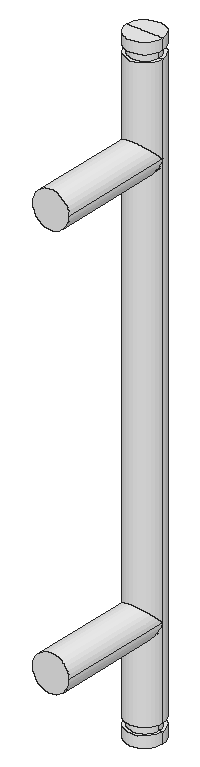
Revit family
Parameters
  Material Ironmongery = Metal - Stainless Steel
  Handle/Panel Offset = 65 mm
  Handle Z Distance = 0 mm
  Handle X Distance = 75 mm
  Handle Radius = 10 mm
  Handle Length = 350 mm
  Handle Spindle Offset = 60 mm
Reference planes
  plane 1 "Center (Front/Back)": y = 0
  plane 2: z = 0
  plane 3 "C/L Handel": x = 0
  plane 4: z = 0
  plane 5: z = 175
  plane 6: z = -175
  plane 7: z = 115
  plane 8: z = -115
  plane 9 "Center (Left/Right)": x = -75
  plane 10: y = 65
Forms (mm)
  Extrusion 1, solid, material "Metal - Stainless Steel" <- "Material Ironmongery"
    sketch origin (0, 0, 0) x (1, 0, 0) y (0, 0, 1)
      loop
        circle (0, 115) r 10
      loop
        circle (0, -115) r 10
    from 0 to -65
  Revolve 2, solid, material "Metal - Stainless Steel" <- "Material Ironmongery"
    sketch origin (0, 65, 0) x (1, 0, 0) y (0, 0, 1)
      loop
        line (0, 175) -> (-10, 175) -> (-10, 169) -> (-8.032, 169) -> (-8.032, 164.765) -> (-10, 164.765) -> (-10, -164.765) -> (-8.032, -164.765) -> (-8.032, -169) -> (-10, -169) -> (-10, -175) -> (0, -175) -> (0, 175)
      axis (0, -175) -> (0, 175)
    angle from 0 to 360
Dimensions and locks
  "Handle Z Distance": plane 4 to level
  equal spacing: plane 5, plane 4, plane 6
  "Handle Length": plane 5 to plane 6
  "Handle Spindle Offset": plane 5 to plane 7
  "Handle Spindle Offset": plane 8 to plane 6
  "Handle X Distance": plane 9 "Center (Left/Right)" to plane 3 "C/L Handel"
  "Handle/Panel Offset": plane 10 to plane 1 "Center (Front/Back)"
  "Handle Radius": plane 3 "C/L Handel" to Revolve 2 sketch curve
  "Handle Radius": radius of Extrusion 1 sketch curve  (x2)
  aligned and locked: plane 10 to Extrusion 1
  aligned and locked: Extrusion 1 to plane 1 "Center (Front/Back)"
Automatic sketch dimensions
  Extrusion 1 sketch curve to plane 3 "C/L Handel" = 0 mm  (x2)
  Extrusion 1 sketch curve to plane 8 = 0 mm
  Extrusion 1 sketch curve to plane 7 = 0 mm
  Revolve 2 sketch curve to plane 6 = 0 mm
  Revolve 2 sketch curve to plane 3 "C/L Handel" = 0 mm  (x2)
  Revolve 2 sketch curve to plane 5 = 0 mm
  Revolve 2 sketch curve to Revolve 2 sketch curve = 0 mm  (x2)
  Revolve 2 sketch curve to Revolve 2 sketch curve = 1.968 mm  (x2)
  plane 6 to Revolve 2 sketch curve = 25 mm
  Revolve 2 sketch curve to plane 6 = 6 mm
  Revolve 2 sketch curve to Revolve 2 sketch curve = 4.235 mm  (x2)
  Revolve 2 sketch curve to Revolve 2 sketch curve = 10.235 mm
  Revolve 2 sketch curve to plane 5 = 45 mm
